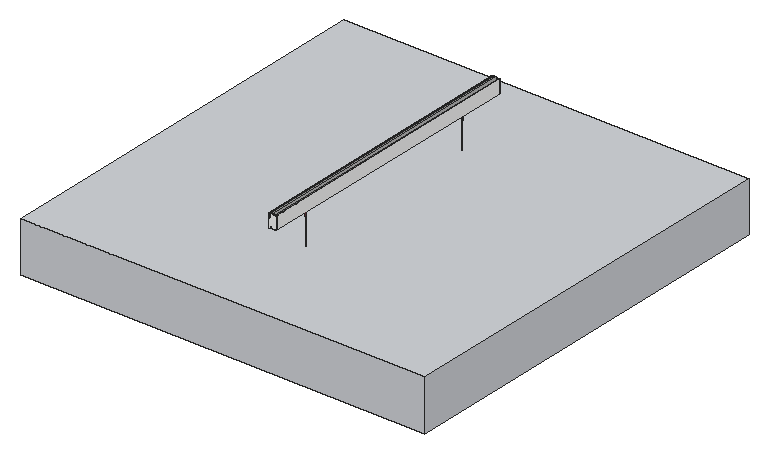
Revit family "LAMP_FIL 45 1680MM OPAL COMFORT SUSPENDED", category Luminarias, Revit 2018
Family settings
  Anfitrión = Cara
  Cota de conector redondo = Diámetro de uso
  Tipo de pieza = Normal
  Corte con vacíos al cargar = No
  Origen de luz = Sí
  Compartido = No
  Punto de cálculo de habitación = No
Parameters (values of type "3900LM 3000K  BLACK")
  Ángulo de inclinación = -90.00°
  Weight = 3.50 kg
  Wattage = 24.7 W
  UGR = "18"
  Type = "MID POWER TRIDONIC"
  built-in parameter 1150107 = 3000 (stored number, unit not read)
  Suspension distance [instance] = if(Suspension > 4000 mm, 4000 mm, if(Suspension < 1 mm, 1 mm, Suspension))  # 200 mm
  Suspension [instance] = 200 mm
  built-in parameter 1150110 = 1 (stored number, unit not read)
  built-in parameter 1150109 = 1 (stored number, unit not read)
  built-in parameter 1150112 = 1 (stored number, unit not read)
  built-in parameter 1150113 = 1 (stored number, unit not read)
  built-in parameter 1114218 = 1 (stored number, unit not read)
  Protection rating = "IP20 / IK07"
  Product datasheet = "http://www.lamp.es/product-files/TECH/F41SF168MOPR830NB-EN.pdf"
  Product code = "F41SF168MOPR830NB"
  Product URL = "https://www.lamp.es/en/family/fil-45_413951"
  Power Supply = "220-240V 50/60Hz"
  Power = 23 W
  Plum = 24.7 W
  Photobiological risk = ""
  NOT COVER 2 [instance] = not(END COVER 2)  # no
  NOT COVER 1 [instance] = not(END COVER 1)  # no
  built-in parameter 1150137 = (empty or 0)
  built-in parameter 1150132 = 2
  Modelo = Product code  # "F41SF168MOPR830NB"
  Model Explanation = ""
  Material suspension = LAMP_Acero genérico
  Material perfil = LAMP_Aluminio Perfil Fil NG
  Material difusor = LAMP_PC Difusor Opal Fil
  Manufacturer name = "LAMP"
  Manufacturer country = "Spain"
  Manufacturer URL = "http://www.lamp.es/en"
  MacAdam = "3"
  Longitud de línea de emisión = 1680 mm
  Last update = "18/03/2021"
  Lamp = "MID-POWER LED"
  LED Lifetime = "70.000 L80 B10"
  built-in parameter 1150105 = 952.73 (stored number, unit not read)
  built-in parameter 1150102 = (empty or 0)
  Insulation class = "I"
  Installation instructions = "https://www.lamp.es/product-files/INS/1004580-C%20INSTR.%20FIL45.pdf"
  built-in parameter 1150106 = 9.5273 (stored number, unit not read)
  IEE = "A+"
  Gear = "Electronic"
  Lumens = 2504.58 lm
  Finish = "Matte black RAL 9011"
  Color Filter = 16777215
  built-in parameter 1114217 = 1 (stored number, unit not read)
  built-in parameter 1150139 = (empty or 0)
  Fabricante = Manufacturer name  # "LAMP"
  Default Elevation = 1219.2 mm
  built-in parameter 1150104 = 9.4204 (stored number, unit not read)
  Efficacy = 101.4 lm/W
  END COVER 2 [instance] = yes
  END COVER 1 [instance] = yes
  Dimensions = "1680x45x80"
  Descripción = "FIL45 SUR 1680 3900 WW OP COMF BK."
  built-in parameter 1150115 = 1 (stored number, unit not read)
  built-in parameter 1150114 = 1 (stored number, unit not read)
  built-in parameter 1150138 = (empty or 0)
  built-in parameter 1150134 = 3
  Dimming Lamp Color Temperature Shift = (empty or 0)
  CRI = "80"
  Archivo de red fotométrica = "F41SF168MOPR830NB.IES"
  built-in parameter 1150133 = 10 (stored number, unit not read)
Types (12, lengths in mm): name | Weight | built-in parameter 1150107 | Product datasheet | Product code | Modelo | Material perfil | built-in parameter 1150105 | built-in parameter 1150106 | Lumens | Finish | built-in parameter 1150104 | Efficacy | Descripción | Archivo de red fotométrica
  3900LM 3000K DALI BLACK | 3.70 kg | 3000 (stored number, unit not read) | "http://www.lamp.es/product-files/TECH/F41SF168MOPR830DB-EN.pdf" | "F41SF168MOPR830DB" | "F41SF168MOPR830DB" | LAMP_Aluminio Perfil Fil NG | 952.73 (stored number, unit not read) | 9.5273 (stored number, unit not read) | 2504.58 lm | "Matte black RAL 9011" | 9.4204 (stored number, unit not read) | 101.4 lm/W | "FIL45 SUR 1680 3900 WW OP COMF DALI BK." | "F41SF168MOPR830nB.IES"
  3900LM 3000K DALI GREY | 3.70 kg | 3000 (stored number, unit not read) | "http://www.lamp.es/product-files/TECH/F41SF168MOPR830DG-EN.pdf" | "F41SF168MOPR830DG" | "F41SF168MOPR830DG" | LAMP_Aluminio Perfil Fil GR | 952.73 (stored number, unit not read) | 9.5273 (stored number, unit not read) | 2504.58 lm | "Gloss grey" | 9.4204 (stored number, unit not read) | 101.4 lm/W | "FIL45 SUR 1680 3900 WW OP COMF DALI GR." | "F41SF168MOPR830nG.IES"
  3900LM 3000K DALI WHITE | 3.70 kg | 3000 (stored number, unit not read) | "http://www.lamp.es/product-files/TECH/F41SF168MOPR830DW-EN.pdf" | "F41SF168MOPR830DW" | "F41SF168MOPR830DW" | LAMP_Aluminio Perfil Fil BL | 952.73 (stored number, unit not read) | 9.5273 (stored number, unit not read) | 2504.58 lm | "Matte white RAL 9010" | 9.4204 (stored number, unit not read) | 101.4 lm/W | "FIL45 SUR 1680 3900 WW OP COMF DALI WH." | "F41SF168MOPR830nW.IES"
  3900LM 3000K  BLACK | 3.50 kg | 3000 (stored number, unit not read) | "http://www.lamp.es/product-files/TECH/F41SF168MOPR830NB-EN.pdf" | "F41SF168MOPR830NB" | "F41SF168MOPR830NB" | LAMP_Aluminio Perfil Fil NG | 952.73 (stored number, unit not read) | 9.5273 (stored number, unit not read) | 2504.58 lm | "Matte black RAL 9011" | 9.4204 (stored number, unit not read) | 101.4 lm/W | "FIL45 SUR 1680 3900 WW OP COMF BK." | "F41SF168MOPR830NB.IES"
  3900LM 3000K  GREY | 3.50 kg | 3000 (stored number, unit not read) | "http://www.lamp.es/product-files/TECH/F41SF168MOPR830NG-EN.pdf" | "F41SF168MOPR830NG" | "F41SF168MOPR830NG" | LAMP_Aluminio Perfil Fil GR | 952.73 (stored number, unit not read) | 9.5273 (stored number, unit not read) | 2504.58 lm | "Gloss grey" | 9.4204 (stored number, unit not read) | 101.4 lm/W | "FIL45 SUR 1680 3900 WW OP COMF GR." | "F41SF168MOPR830NG.IES"
  3900LM 3000K  WHITE | 3.50 kg | 3000 (stored number, unit not read) | "http://www.lamp.es/product-files/TECH/F41SF168MOPR830NW-EN.pdf" | "F41SF168MOPR830NW" | "F41SF168MOPR830NW" | LAMP_Aluminio Perfil Fil BL | 1976.7 (stored number, unit not read) | 19.767 (stored number, unit not read) | 2504.58 lm | "Matte white RAL 9010" | 9.4204 (stored number, unit not read) | 101.4 lm/W | "FIL45 SUR 1680 3900 WW OP COMF WH." | "F41SF168MOPR830NW.IES"
  3900LM 4000K DALI BLACK | 3.70 kg | 4000 (stored number, unit not read) | "http://www.lamp.es/product-files/TECH/F41SF168MOPR840DB-EN.pdf" | "F41SF168MOPR840DB" | "F41SF168MOPR840DB" | LAMP_Aluminio Perfil Fil NG | 1000.7 (stored number, unit not read) | 10.007 (stored number, unit not read) | 2630.8 lm | "Matte black RAL 9011" | 9.8951 (stored number, unit not read) | 106.51 lm/W | "FIL45 SUR 1680 3900 NW OP COMF DALI BK." | "F41SF168MOPR840nB.IES"
  3900LM 4000K DALI GREY | 3.70 kg | 4000 (stored number, unit not read) | "http://www.lamp.es/product-files/TECH/F41SF168MOPR840DG-EN.pdf" | "F41SF168MOPR840DG" | "F41SF168MOPR840DG" | LAMP_Aluminio Perfil Fil GR | 1000.7 (stored number, unit not read) | 10.007 (stored number, unit not read) | 2630.8 lm | "Gloss grey" | 9.8951 (stored number, unit not read) | 106.51 lm/W | "FIL45 SUR 1680 3900 NW OP COMF DALI GR." | "F41SF168MOPR840nG.IES"
  3900LM 4000K DALI WHITE | 3.70 kg | 4000 (stored number, unit not read) | "http://www.lamp.es/product-files/TECH/F41SF168MOPR840DW-EN.pdf" | "F41SF168MOPR840DW" | "F41SF168MOPR840DW" | LAMP_Aluminio Perfil Fil BL | 1000.7 (stored number, unit not read) | 10.007 (stored number, unit not read) | 2630.8 lm | "Matte white RAL 9010" | 9.8951 (stored number, unit not read) | 106.51 lm/W | "FIL45 SUR 1680 3900 NW OP COMF DALI WH." | "F41SF168MOPR840nW.IES"
  3900LM 4000K  BLACK | 3.50 kg | 4000 (stored number, unit not read) | "http://www.lamp.es/product-files/TECH/F41SF168MOPR840NB-EN.pdf" | "F41SF168MOPR840NB" | "F41SF168MOPR840NB" | LAMP_Aluminio Perfil Fil NG | 1000.7 (stored number, unit not read) | 10.007 (stored number, unit not read) | 2630.8 lm | "Matte black RAL 9011" | 9.8951 (stored number, unit not read) | 106.51 lm/W | "FIL45 SUR 1680 3900 NW OP COMF BK." | "F41SF168MOPR840NB.IES"
  3900LM 4000K  GREY | 3.50 kg | 4000 (stored number, unit not read) | "http://www.lamp.es/product-files/TECH/F41SF168MOPR840NG-EN.pdf" | "F41SF168MOPR840NG" | "F41SF168MOPR840NG" | LAMP_Aluminio Perfil Fil GR | 1000.7 (stored number, unit not read) | 10.007 (stored number, unit not read) | 2630.8 lm | "Gloss grey" | 9.8951 (stored number, unit not read) | 106.51 lm/W | "FIL45 SUR 1680 3900 NW OP COMF GR." | "F41SF168MOPR840NG.IES"
  3900LM 4000K  WHITE | 3.50 kg | 4000 (stored number, unit not read) | "http://www.lamp.es/product-files/TECH/F41SF168MOPR840NW-EN.pdf" | "F41SF168MOPR840NW" | "F41SF168MOPR840NW" | LAMP_Aluminio Perfil Fil BL | 1000.7 (stored number, unit not read) | 10.007 (stored number, unit not read) | 2630.8 lm | "Matte white RAL 9010" | 9.8951 (stored number, unit not read) | 106.51 lm/W | "FIL45 SUR 1680 3900 NW OP COMF WH." | "F41SF168MOPR840NW.IES"
Reference planes
  plane 1 "Centro (Frontal/Posterior)": y = 0
  plane 2: z = 0
  plane 3 "Centro (Izquierda/Derecha)": x = 0
Forms (mm)
  Extrusion 1, solid
    sketch origin (0, 0, 0) x (1, 0, 0) y (0, 1, 0)
      loop
        line (-1219.2, 1219.2) -> (-1219.2, -1219.2) -> (1219.2, -1219.2) -> (1219.2, 1219.2) -> (-1219.2, 1219.2)
    from 0 to -304.8
  Extrusion 2, solid, material "LAMP_Aluminio Perfil Fil NG" <- "Material perfil"
    sketch origin (0, 0, 0) x (1, 0, 0) y (0, 0, 1)
      loop
        arc (22.5, 285.7) -> (21.5, 286.7) -> (20.5, 285.7) r 1
        line (20.5, 285.7) -> (20.5, 284.2) -> (17.8, 284.2) -> (17.8, 259) -> (0, 259) -> (-17.8, 259) -> (-17.8, 284.2) -> (-20.5, 284.2) -> (-20.5, 285.7)
        arc (-20.5, 285.7) -> (-21.5, 286.7) -> (-22.5, 285.7) r 1
        line (-22.5, 285.7) -> (-22.5, 206.5) -> (-20.7, 206.5) -> (-20.7, 210) -> (-12.5, 210) -> (-12.5, 208) -> (-14.8, 208) -> (-14.5, 206.5) -> (-11, 206.5) -> (-11, 214.5) -> (0, 214.5) -> (11, 214.5) -> (11, 206.5) -> (14.5, 206.5) -> (14.8, 208) -> (12.5, 208) -> (12.5, 210) -> (20.7, 210) -> (20.7, 206.5) -> (22.5, 206.5) -> (22.5, 285.7)
    from -840 to 840
  Extrusion 3, solid, material "LAMP_Acero genérico" <- "Material suspension"
    sketch origin (0, 0, 0) x (1, 0, 0) y (0, 0, 1)
      loop
        line (-12.5, 201) -> (-15.291, 208.272) -> (-12.823, 210) -> (-13.823, 210) -> (-16.291, 208.272) -> (-13.116, 200) -> (0, 200) -> (13.116, 200) -> (16.291, 208.272) -> (13.823, 210) -> (12.823, 210) -> (15.291, 208.272) -> (12.5, 201) -> (0, 201) -> (-12.5, 201)
    from -600 to -578
  Extrusion 4, solid, material "LAMP_Acero genérico" <- "Material suspension"
    sketch origin (0, -224, 0) x (1, 0, 0) y (0, 1, 0)
      loop
        circle (0, -365) r 5
    from 163.2 to 200
  Extrusion 5, solid, material "LAMP_Acero genérico" <- "Material suspension"
    sketch origin (0, 224, 0) x (1, 0, 0) y (0, 1, 0)
      loop
        circle (0, 365) r 5
    from 163.2 to 200
  Extrusion 6, solid, material "LAMP_Acero genérico" <- "Material suspension"
    sketch origin (0, -200, 0) x (1, 0, 0) y (0, 1, 0)
      loop
        circle (0, -389) r 1
    from 0 to 163.2
  Extrusion 7, solid, material "LAMP_Acero genérico" <- "Material suspension"
    sketch origin (0, 200, 0) x (1, 0, 0) y (0, 1, 0)
      loop
        circle (0, 389) r 1
    from 0 to 163.2
  Extrusion 8, solid, material "LAMP_PC Difusor Opal Fil" <- "Material difusor"
    sketch origin (0, 0, 0) x (1, 0, 0) y (0, 0, 1)
      loop
        line (-20.5, 284.2) -> (0, 284.2) -> (20.5, 284.2) -> (20.5, 286.7) -> (0, 286.7) -> (-20.5, 286.7) -> (-20.5, 284.2)
    from -840 to 840
  Extrusion 9, solid, material "LAMP_Acero genérico" <- "Material suspension"
    sketch origin (0, -200, 0) x (1, 0, 0) y (0, 0, -1)
      loop
        line (-12.5, -201) -> (0, -201) -> (12.5, -201) -> (15.291, -208.272) -> (12.823, -210) -> (13.823, -210) -> (16.291, -208.272) -> (13.116, -200) -> (0, -200) -> (-13.116, -200) -> (-16.291, -208.272) -> (-13.823, -210) -> (-12.823, -210) -> (-15.291, -208.272) -> (-12.5, -201)
    from -400 to -378
  Extrusion 10, solid, material "LAMP_PC Difusor Opal Fil" <- "Material difusor"
    sketch origin (0, 0, 0) x (1, 0, 0) y (0, 0, 1)
      loop
        line (-11, 214.5) -> (-11, 206.5) -> (-7.529, 206.5) -> (11, 206.5) -> (11, 214.5) -> (10, 214.5) -> (10, 207.5) -> (-10, 207.5) -> (-10, 214.5) -> (-11, 214.5)
    from -840 to 840
Lines and regions (mm)
  reference lines
    curve 1: line (0, -445.47, 200) -> (0, 544.53, 200)
Text (mm)
  text "Any modification of the parameters and properties of the LAMP BIM models must be executed and validated by the LAMP technical department.\nPhone: +34 93 736 68 00\nE-mail: lamp@lamp.es\n\nLAMP reserves the right to modify the technical specifications of its products." at (3279.264, 5298.162, -2684.539), in view "Preview"
Dimensions and locks
  "Suspension distance": level to curve 1
  locked: Extrusion 4 to Extrusion 4 at 36.8
  locked: Extrusion 5 to Extrusion 5 at 36.8
  aligned and locked: plane 2 to Extrusion 1
  aligned and locked: level to Extrusion 1
  aligned and locked: Extrusion 8 to Extrusion 2  (x2)
  aligned and locked: Extrusion 9 to curve 1
  aligned and locked: curve 1 to Extrusion 3
  aligned and locked: curve 1 to Extrusion 4
  aligned and locked: Extrusion 5 to curve 1
  aligned and locked: Extrusion 6 to Extrusion 4
  aligned and locked: Extrusion 7 to Extrusion 5
  aligned and locked: Extrusion 2 to Extrusion 9  (x2)
  aligned and locked: imposter light to Extrusion 8
  aligned and locked: Extrusion 10 to Extrusion 2
  aligned and locked: nested 1 to Extrusion 2  (x2)
  aligned and locked: nested 2 to Extrusion 2
Automatic sketch dimensions
  Extrusion 1 sketch curve to Extrusion 1 sketch curve = 2438.4 mm  (x2)
  Extrusion 3 sketch curve to plane 3 "Centro (Izquierda/Derecha)" = 0 mm  (x2)
  Extrusion 3 sketch curve to Extrusion 3 sketch curve = 12.5 mm
  Extrusion 3 sketch curve to Extrusion 3 sketch curve = 0.323 mm  (x2)
  Extrusion 3 sketch curve to Extrusion 3 sketch curve = 0.616 mm  (x2)
  Extrusion 3 sketch curve to Extrusion 3 sketch curve = 1 mm  (x5)
  Extrusion 3 sketch curve to Extrusion 3 sketch curve = 1.468 mm  (x2)
  plane 3 "Centro (Izquierda/Derecha)" to Extrusion 3 sketch curve = 12.5 mm
  level to Extrusion 3 sketch curve = 200 mm
  Extrusion 3 sketch curve to Extrusion 3 sketch curve = 7.272 mm  (x2)
  Extrusion 3 sketch curve to Extrusion 3 sketch curve = 0 mm  (x2)
  Extrusion 3 sketch curve to Extrusion 3 sketch curve = 1.728 mm  (x2)
  Extrusion 4 sketch curve to plane 3 "Centro (Izquierda/Derecha)" = 0 mm
  plane 1 "Centro (Frontal/Posterior)" to Extrusion 4 sketch curve = 589 mm
  Extrusion 5 sketch curve to plane 3 "Centro (Izquierda/Derecha)" = 0 mm
  plane 1 "Centro (Frontal/Posterior)" to Extrusion 5 sketch curve = 589 mm
  Extrusion 6 sketch curve to plane 3 "Centro (Izquierda/Derecha)" = 0 mm
  plane 1 "Centro (Frontal/Posterior)" to Extrusion 6 sketch curve = 589 mm
  Extrusion 7 sketch curve to plane 3 "Centro (Izquierda/Derecha)" = 0 mm
  plane 1 "Centro (Frontal/Posterior)" to Extrusion 7 sketch curve = 589 mm
  Extrusion 2 sketch curve to plane 3 "Centro (Izquierda/Derecha)" = 0 mm  (x2)
  Extrusion 2 sketch curve to plane 3 "Centro (Izquierda/Derecha)" = 11 mm
  Extrusion 2 sketch curve to Extrusion 2 sketch curve = 1.5 mm  (x6)
  Extrusion 2 sketch curve to Extrusion 2 sketch curve = 2 mm  (x2)
  Extrusion 2 sketch curve to Extrusion 2 sketch curve = 0.3 mm  (x2)
  Extrusion 2 sketch curve to Extrusion 2 sketch curve = 17.8 mm
  Extrusion 2 sketch curve to Extrusion 2 sketch curve = 2.7 mm  (x2)
  Extrusion 2 sketch curve to Extrusion 2 sketch curve = 5.9 mm  (x2)
  Extrusion 2 sketch curve to Extrusion 2 sketch curve = 1 mm  (x2)
  plane 3 "Centro (Izquierda/Derecha)" to Extrusion 2 sketch curve = 11 mm
  plane 3 "Centro (Izquierda/Derecha)" to Extrusion 2 sketch curve = 17.8 mm
  level to Extrusion 2 sketch curve = 206.5 mm
  Extrusion 2 sketch curve to Extrusion 2 sketch curve = 0 mm  (x3)
  Extrusion 2 sketch curve to Extrusion 2 sketch curve = 3.5 mm  (x2)
  Extrusion 2 sketch curve to Extrusion 2 sketch curve = 4.5 mm
  Extrusion 2 sketch curve to Extrusion 2 sketch curve = 44.5 mm
  Extrusion 2 sketch curve to Extrusion 2 sketch curve = 25.2 mm  (x2)
  Extrusion 8 sketch curve to plane 3 "Centro (Izquierda/Derecha)" = 0 mm  (x2)
  Extrusion 8 sketch curve to Extrusion 8 sketch curve = 20.5 mm
  plane 3 "Centro (Izquierda/Derecha)" to Extrusion 8 sketch curve = 20.5 mm
  level to Extrusion 8 sketch curve = 284.2 mm
  Extrusion 8 sketch curve to Extrusion 8 sketch curve = 2.5 mm
  Extrusion 9 sketch curve to plane 3 "Centro (Izquierda/Derecha)" = 0 mm  (x2)
  Extrusion 9 sketch curve to Extrusion 9 sketch curve = 12.5 mm
  Extrusion 9 sketch curve to Extrusion 9 sketch curve = 0.323 mm  (x2)
  Extrusion 9 sketch curve to Extrusion 9 sketch curve = 0.616 mm  (x2)
  Extrusion 9 sketch curve to Extrusion 9 sketch curve = 1 mm  (x5)
  Extrusion 9 sketch curve to Extrusion 9 sketch curve = 1.468 mm  (x2)
  plane 3 "Centro (Izquierda/Derecha)" to Extrusion 9 sketch curve = 12.5 mm
  level to Extrusion 9 sketch curve = 210 mm
  Extrusion 9 sketch curve to Extrusion 9 sketch curve = 0 mm  (x3)
  Extrusion 9 sketch curve to Extrusion 9 sketch curve = 1.728 mm  (x2)
  Extrusion 9 sketch curve to Extrusion 9 sketch curve = 7.272 mm
  Extrusion 10 sketch curve to plane 3 "Centro (Izquierda/Derecha)" = 11 mm
  Extrusion 10 sketch curve to Extrusion 10 sketch curve = 1 mm  (x3)
  Extrusion 10 sketch curve to Extrusion 10 sketch curve = 2.471 mm
  plane 3 "Centro (Izquierda/Derecha)" to Extrusion 10 sketch curve = 10 mm
  level to Extrusion 10 sketch curve = 206.5 mm
  Extrusion 10 sketch curve to Extrusion 10 sketch curve = 7 mm  (x2)
  plane 1 "Centro (Frontal/Posterior)" to curve 1 = 445.47 mm
  curve 1 to plane 1 "Centro (Frontal/Posterior)" = 544.53 mm
  radius of Extrusion 4 sketch curve = 5 mm
  radius of Extrusion 5 sketch curve = 5 mm
  radius of Extrusion 6 sketch curve = 1 mm
  radius of Extrusion 7 sketch curve = 1 mm
Nested families
  nested 1: "LAMP_FIL 45 END COVER SURFACE" at (0, -841, 206.5), visible <- "END COVER 1", type "LAMP_FIL 45 END COVER SURFACE"
  nested 2: "LAMP_FIL 45 END COVER SURFACE" at (0, 841, 206.5), visible <- "END COVER 2", type "LAMP_FIL 45 END COVER SURFACE"
Connectors
  electrical at (0, 589, 200)
    settings: on Extrusion 5, index 1, voltage 230 V, apparent load 0 VA, apparent load phase1 0 VA, apparent load phase2 0 VA, apparent load phase3 0 VA, power factor 1, load classification "Otro", number of poles 1, system type 31, power factor state 1, is connector primary yes, connector utility no, sub classification motor no, connector description ""
Definition of nested family "LAMP_FIL 45 END COVER SURFACE"
  Parameters (values of type "Blanco")
    Material tapa = none
  Reference planes
    plane 1 "Centro (Frontal/Posterior)": y = 0
    plane 2: z = 0
    plane 3 "Centro (Izquierda/Derecha)": x = 0
  Forms (mm)
    Extrusion 1, solid, material <- "Material tapa"
      sketch origin (0, 0, 0) x (0, -1, 0) y (0, 0, 1)
        loop
          line (0, 0) -> (1, 0) -> (1, 80) -> (-1, 80) -> (-1, 0) -> (0, 0)
      from -22.5 to 22.5
  Dimensions and locks
    aligned and locked: level to plane 2
